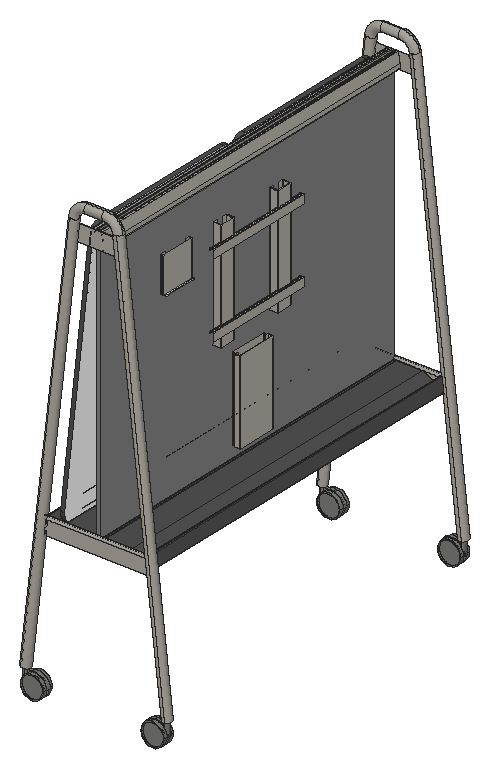
Revit family "Work_Tools_&_Leg_Screens-Teknion-CQCTB_Routes_Tech_Board-R2021", category Furniture, Revit 2021
Family settings
  OmniClass Number = 23.40.20.00
  OmniClass Title = General Furniture and Specialties
  Work Plane-Based = No
  Always vertical = Yes
  Cut with Voids When Loaded = No
  Shared = Yes
  Room Calculation Point = No
Parameters (values of type "Two Whiteboard Add Ons, 77" h x 64" w")
  Warranty = "http://www.teknion.com/ca/papers/legal-canada"
  Unit Weight URL = "http://www.teknion.com/ca/tools/assets#&asset=bee6a381-b954-425e-8283-5a2de3a804f2,f828d448-4b62-4231-9e5f-9a8991c0ed77"
  URL = "www.teknion.com"
  To render please download texture images found here [instance] = "https://assets.teknion.com/web/5e81352c1dfdb467/revit-material-swatches/"
  Tackboard Fabric [instance] = Fabric-Teknion-LP18-Intone-Lute
  Sustainability Data = "https://www.teknion.com/ca/tools/assets#&topic=216f99a5-57a0-44fc-b10a-9dee9b29ae4c&asset=444deb64-fe58-4b68-981e-f75e97781df7,b4ff2d81-9f2e-437d-9659-7cffb09c31cf"
  Series = "Routes"  # constant formula
  Right Whiteboard Add On Board = yes
  Right Tackboard Add On Board = no
  Product Page URL = "https://www.teknion.com/ca/products/all-products"
  Product Line = "Routes"  # constant formula
  Product Documentation Link = "https://assets.teknion.com/m/72af4764f50e983c/original/Routes-Reference-Guide.pdf"
  Part Number = "CQCTB"  # constant formula
  Model = "CQCTBW7764S"
  Manufacturer Phone = "416-661-3370"  # constant formula
  Manufacturer Fax = "416.661.4586"  # constant formula
  Manufacturer Contact Information = "http://www.teknion.com/ca/contactus"
  Manufacturer Address = "1150 Flint Road, Toronto, ON. M3J 2J5. Canada"  # constant formula
  Manufacturer = "Teknion"  # constant formula
  Left Whiteboard Add On = yes
  Left Tackboard Add On = no
  How To Use Teknion Materials User Guide [instance] = "https://assets.teknion.com/m/205dd0a49fa58060/original/How-to-add-a-Material-Library-and-Texture-Images-to-your-Revit-project.pdf"
  Frame Finish [instance] = Paint-Teknion-85-Y-Foundation-Clay
  For Additional Finishes please visit [instance] = "https://assets.teknion.com/m/44a8009b046e5d47/original/Teknion_Materials_Library.zip"
  Fixed Board Finish [instance] = Laminate - Teknion - 2S - Greystone
  Description = "Routes Tech Board, Two Whiteboard Add Ons, 77\" Height, 64\" Width, Vesa Screen Mount up to 65\""
  Default Elevation = 0.000"
  Assembly Code = "E2020200"
  2D Add On Board = yes
Reference planes (in)
  plane 1 "Center Front/Back": y = -0.92931
  plane 2: z = 0
  plane 3 "Center Left/Right": x = -0.32293
  plane 4 "Left": x = -12.98106
  plane 5 "Right": x = 12.3352
  plane 6 "Back": y = 31.28349
  plane 7 "Front": y = -33.14211
  plane 8 "Top": z = 77.87003
Forms (in)
  Sweep 1, solid, material "Paint-Teknion-85-Y-Foundation-Clay" <- "Frame Finish"
    path in 3D
      loop
        line (-12.24051, -31.50211, 4.29149) -> (-4.05096, -31.50211, 75.18009)
    profile origin (-8.14574, -31.50211, 39.73579) x (0.315475, 0.948234, -0.036446) y (-0.941969, 0.317573, 0.108823)
      loop
        circle (-0.72648, -0.21556) r 0.75
  Sweep 2, solid, material "Paint-Teknion-85-Y-Foundation-Clay" <- "Frame Finish"
    path origin (0, -0.92931, 0) x (1, 0, 0) y (0, 0, 1)
      loop
        arc (-4.04356, 75.12756) -> (-3.30313, 76.52782) -> (-1.82152, 77.08798) r 2.2395
        line (-1.82152, 77.08798) -> (1.17567, 77.08798)
        arc (1.17567, 77.08798) -> (2.65728, 76.52782) -> (3.39771, 75.12756) r 2.2395
    profile origin (-0.32293, -0.92931, 77.08798) x (0, 0, 1) y (0, -1, 0)
      loop
        circle (0.03405, 31.31253) r 0.75
  Sweep 3, solid, material "Paint-Teknion-85-Y-Foundation-Clay" <- "Frame Finish"
    path in 3D
      loop
        line (11.59466, -31.50211, 4.29149) -> (3.40511, -31.50211, 75.18009)
    profile origin (7.49988, -31.50211, 39.73579) x (0.315475, -0.948234, 0.036446) y (0.941969, 0.317573, 0.108823)
      loop
        circle (0.72648, -0.21556) r 0.75
  Sweep 4, solid, material "Paint-Teknion-85-Y-Foundation-Clay" <- "Frame Finish"
    path origin (-0.32293, 0, 0) x (0, 1, 0) y (0, 0, 1)
      loop
        line (-32.32681, 73.15031) -> (-32.25211, 73.15031)
    profile origin (-0.32293, -32.28946, 73.15031) x (0, 0, 1) y (1, 0, 0)
      loop
        line (1.21983, -3.06138) -> (1.21983, 3.06362) -> (-1.53017, 3.38132) -> (-1.53017, -3.37907) -> (1.21983, -3.06138)
  Sweep 5, solid, material "Paint - Teknion - Mica - Anthracite"
    path origin (-5.7779, -20.86634, 0.81648) x (0, 1, 0) y (-1, 0, 0)
      loop
        line (-11.06077, 4.73731) -> (-10.49577, 4.73731)
    profile origin (-10.51521, -31.64461, 0.81648) x (-1, 0, 0) y (0, 0, 1)
      loop
        circle (0.00391, 1.14732) r 1.96188
  Sweep 6, solid, material "Paint - Teknion - Mica - Anthracite"
    path origin (-5.79896, -22.08134, 1.64815) x (0, 1, 0) y (-1, 0, 0)
      loop
        line (-10.45577, 4.34909) -> (-9.88577, 4.34909)
    profile origin (-10.14805, -32.25211, 1.64815) x (-1, 0, 0) y (0, 0, 1)
      loop
        arc (-1.59082, 0.31879) -> (0.37106, 2.28067) -> (2.33294, 0.31879) r 1.96188
        line (2.33294, 0.31879) -> (2.45938, 0.31879)
        arc (2.45938, 0.31879) -> (2.28891, 1.14404) -> (1.80541, 1.83421) r 2.08282
        line (1.80541, 1.83421) -> (1.80541, 2.34334) -> (0.86576, 2.34334)
        arc (0.86576, 2.34334) -> (-0.9117, 1.9554) -> (-1.70625, 0.31879) r 2.08282
        line (-1.70625, 0.31879) -> (-1.59082, 0.31879)
  Sweep 7, solid, material "Paint - Teknion - Mica - Anthracite"
    path origin (-6.54021, -21.74421, 1.47507) x (-1, 0, 0) y (0, 0, 1)
      loop
        line (5.66303, 2.79995) -> (5.66303, 0.47833)
    profile origin (-12.20324, -21.74421, 3.11421) x (0, 1, 0) y (-1, 0, 0)
      loop
        circle (-10.50525, 0.00179) r 0.40398
  Sweep 8, solid, material "Paint - Teknion - Mica - Anthracite"
    path origin (-15.26033, -43.63787, 0.81648) x (0, -1, 0) y (1, 0, 0)
      loop
        line (-11.06077, 4.73731) -> (-10.49577, 4.73731)
    profile origin (-10.52302, -32.85961, 0.81648) x (1, 0, 0) y (0, 0, 1)
      loop
        circle (0.00391, 1.14732) r 1.96188
  Sweep 9, void
    path origin (-15.28785, -44.02787, 0.8191) x (0, -1, 0) y (1, 0, 0)
      loop
        line (-11.06077, 4.79585) -> (-10.88577, 4.79585)
    profile origin (-10.492, -33.05461, 0.8191) x (1, 0, 0) y (0, 0, 1)
      loop
        circle (-0.03901, 1.14732) r 1.85693
  Sweep 10, void
    path origin (-15.28785, -20.47634, 0.8191) x (0, 1, 0) y (-1, 0, 0)
      loop
        line (-11.06077, -4.79585) -> (-10.88577, -4.79585)
    profile origin (-10.492, -31.44961, 0.8191) x (-1, 0, 0) y (0, 0, 1)
      loop
        circle (0.03901, 1.14732) r 1.85693
  Sweep 11, solid, material "Paint - Teknion - Mica - Anthracite"
    path origin (5.13205, -20.86634, 0.81648) x (0, 1, 0) y (-1, 0, 0)
      loop
        line (-11.06077, -4.73731) -> (-10.49577, -4.73731)
    profile origin (9.86936, -31.64461, 0.81648) x (-1, 0, 0) y (0, 0, 1)
      loop
        circle (-0.00391, 1.14732) r 1.96188
  Sweep 12, solid, material "Paint - Teknion - Mica - Anthracite"
    path origin (5.89436, -21.74421, 1.47507) x (1, 0, 0) y (0, 0, -1)
      loop
        line (5.66303, -2.79995) -> (5.66303, -0.47833)
    profile origin (11.55738, -21.74421, 3.11421) x (0, 1, 0) y (-1, 0, 0)
      loop
        circle (-10.50525, -0.00179) r 0.40398
  Sweep 13, solid, material "Paint - Teknion - Mica - Anthracite"
    path origin (14.61448, -43.63787, 0.81648) x (0, -1, 0) y (1, 0, 0)
      loop
        line (-11.06077, -4.73731) -> (-10.49577, -4.73731)
    profile origin (9.87717, -32.85961, 0.81648) x (1, 0, 0) y (0, 0, 1)
      loop
        circle (-0.00391, 1.14732) r 1.96188
  Sweep 14, void
    path origin (14.64199, -44.02787, 0.8191) x (0, -1, 0) y (1, 0, 0)
      loop
        line (-11.06077, -4.79585) -> (-10.88577, -4.79585)
    profile origin (9.84614, -33.05461, 0.8191) x (1, 0, 0) y (0, 0, 1)
      loop
        circle (0.03901, 1.14732) r 1.85693
  Sweep 15, void
    path origin (14.64199, -20.47634, 0.8191) x (0, 1, 0) y (-1, 0, 0)
      loop
        line (-11.06077, 4.79585) -> (-10.88577, 4.79585)
    profile origin (9.84614, -31.44961, 0.8191) x (-1, 0, 0) y (0, 0, 1)
      loop
        circle (-0.03901, 1.14732) r 1.85693
  Sweep 16, solid, material "Paint-Teknion-85-Y-Foundation-Clay" <- "Frame Finish"
    path in 3D
      loop
        line (-12.24051, 31.14349, 4.29149) -> (-4.05096, 31.14349, 75.18009)
    profile origin (-8.14574, 31.14349, 39.73579) x (0.315475, 0.948234, -0.036446) y (-0.941969, 0.317573, 0.108823)
      loop
        circle (-0.72648, -0.21556) r 0.75
  Sweep 17, solid, material "Paint-Teknion-85-Y-Foundation-Clay" <- "Frame Finish"
    path origin (0, 61.71629, 0) x (1, 0, 0) y (0, 0, 1)
      loop
        arc (-4.04356, 75.12756) -> (-3.30313, 76.52782) -> (-1.82152, 77.08798) r 2.2395
        line (-1.82152, 77.08798) -> (1.17567, 77.08798)
        arc (1.17567, 77.08798) -> (2.65728, 76.52782) -> (3.39771, 75.12756) r 2.2395
    profile origin (-0.32293, 61.71629, 77.08798) x (0, 0, 1) y (0, -1, 0)
      loop
        circle (0.03405, 31.31253) r 0.75
  Sweep 18, solid, material "Paint-Teknion-85-Y-Foundation-Clay" <- "Frame Finish"
    path in 3D
      loop
        line (11.59466, 31.14349, 4.29149) -> (3.40511, 31.14349, 75.18009)
    profile origin (7.49988, 31.14349, 39.73579) x (0.315475, -0.948234, 0.036446) y (0.941969, 0.317573, 0.108823)
      loop
        circle (0.72648, -0.21556) r 0.75
  Sweep 19, solid, material "Paint-Teknion-85-Y-Foundation-Clay" <- "Frame Finish"
    path origin (-0.32293, 62.6456, 0) x (0, 1, 0) y (0, 0, 1)
      loop
        line (-32.32681, 73.15031) -> (-32.25211, 73.15031)
    profile origin (-0.32293, 30.35614, 73.15031) x (0, 0, 1) y (1, 0, 0)
      loop
        line (1.21983, -3.06138) -> (1.21983, 3.06362) -> (-1.53017, 3.38132) -> (-1.53017, -3.37907) -> (1.21983, -3.06138)
  Sweep 20, solid, material "Paint - Teknion - Mica - Anthracite"
    path origin (5.1531, -22.08134, 1.64815) x (0, 1, 0) y (-1, 0, 0)
      loop
        line (-10.45577, -4.34909) -> (-9.88577, -4.34909)
    profile origin (9.50219, -32.25211, 1.64815) x (-1, 0, 0) y (0, 0, 1)
      loop
        line (1.59082, 0.31879) -> (1.70625, 0.31879)
        arc (1.70625, 0.31879) -> (0.9117, 1.9554) -> (-0.86576, 2.34334) r 2.08282
        line (-0.86576, 2.34334) -> (-1.80541, 2.34334) -> (-1.80541, 1.83421)
        arc (-1.80541, 1.83421) -> (-2.28891, 1.14404) -> (-2.45938, 0.31879) r 2.08282
        line (-2.45938, 0.31879) -> (-2.33294, 0.31879)
        arc (-2.33294, 0.31879) -> (-0.37106, 2.28067) -> (1.59082, 0.31879) r 1.96188
  Sweep 21, solid, material "Paint - Teknion - Mica - Anthracite"
    path origin (-5.7779, 41.77926, 0.81648) x (0, 1, 0) y (-1, 0, 0)
      loop
        line (-11.06077, 4.73731) -> (-10.49577, 4.73731)
    profile origin (-10.51521, 31.00099, 0.81648) x (-1, 0, 0) y (0, 0, 1)
      loop
        circle (0.00391, 1.14732) r 1.96188
  Sweep 22, solid, material "Paint - Teknion - Mica - Anthracite"
    path origin (-5.79896, 40.56426, 1.64815) x (0, 1, 0) y (-1, 0, 0)
      loop
        line (-10.45577, 4.34909) -> (-9.88577, 4.34909)
    profile origin (-10.14805, 30.39349, 1.64815) x (-1, 0, 0) y (0, 0, 1)
      loop
        arc (-1.59082, 0.31879) -> (0.37106, 2.28067) -> (2.33294, 0.31879) r 1.96188
        line (2.33294, 0.31879) -> (2.45938, 0.31879)
        arc (2.45938, 0.31879) -> (2.28891, 1.14404) -> (1.80541, 1.83421) r 2.08282
        line (1.80541, 1.83421) -> (1.80541, 2.34334) -> (0.86576, 2.34334)
        arc (0.86576, 2.34334) -> (-0.9117, 1.9554) -> (-1.70625, 0.31879) r 2.08282
        line (-1.70625, 0.31879) -> (-1.59082, 0.31879)
  Sweep 23, solid, material "Paint - Teknion - Mica - Anthracite"
    path origin (-6.54021, 40.90139, 1.47507) x (-1, 0, 0) y (0, 0, 1)
      loop
        line (5.66303, 2.79995) -> (5.66303, 0.47833)
    profile origin (-12.20324, 40.90139, 3.11421) x (0, 1, 0) y (-1, 0, 0)
      loop
        circle (-10.50525, 0.00179) r 0.40398
  Sweep 24, solid, material "Paint - Teknion - Mica - Anthracite"
    path origin (-15.26033, 19.00773, 0.81648) x (0, -1, 0) y (1, 0, 0)
      loop
        line (-11.06077, 4.73731) -> (-10.49577, 4.73731)
    profile origin (-10.52302, 29.78599, 0.81648) x (1, 0, 0) y (0, 0, 1)
      loop
        circle (0.00391, 1.14732) r 1.96188
  Sweep 25, void
    path origin (-15.28785, 18.61773, 0.8191) x (0, -1, 0) y (1, 0, 0)
      loop
        line (-11.06077, 4.79585) -> (-10.88577, 4.79585)
    profile origin (-10.492, 29.59099, 0.8191) x (1, 0, 0) y (0, 0, 1)
      loop
        circle (-0.03901, 1.14732) r 1.85693
  Sweep 26, void
    path origin (-15.28785, 42.16926, 0.8191) x (0, 1, 0) y (-1, 0, 0)
      loop
        line (-11.06077, -4.79585) -> (-10.88577, -4.79585)
    profile origin (-10.492, 31.19599, 0.8191) x (-1, 0, 0) y (0, 0, 1)
      loop
        circle (0.03901, 1.14732) r 1.85693
  Sweep 27, solid, material "Paint - Teknion - Mica - Anthracite"
    path origin (5.13205, 41.77926, 0.81648) x (0, 1, 0) y (-1, 0, 0)
      loop
        line (-11.06077, -4.73731) -> (-10.49577, -4.73731)
    profile origin (9.86936, 31.00099, 0.81648) x (-1, 0, 0) y (0, 0, 1)
      loop
        circle (-0.00391, 1.14732) r 1.96188
  Sweep 28, solid, material "Paint - Teknion - Mica - Anthracite"
    path origin (5.89436, 40.90139, 1.47507) x (1, 0, 0) y (0, 0, -1)
      loop
        line (5.66303, -2.79995) -> (5.66303, -0.47833)
    profile origin (11.55738, 40.90139, 3.11421) x (0, 1, 0) y (-1, 0, 0)
      loop
        circle (-10.50525, -0.00179) r 0.40398
  Sweep 29, solid, material "Paint - Teknion - Mica - Anthracite"
    path origin (14.61448, 19.00773, 0.81648) x (0, -1, 0) y (1, 0, 0)
      loop
        line (-11.06077, -4.73731) -> (-10.49577, -4.73731)
    profile origin (9.87717, 29.78599, 0.81648) x (1, 0, 0) y (0, 0, 1)
      loop
        circle (-0.00391, 1.14732) r 1.96188
  Sweep 30, void
    path origin (14.64199, 18.61773, 0.8191) x (0, -1, 0) y (1, 0, 0)
      loop
        line (-11.06077, -4.79585) -> (-10.88577, -4.79585)
    profile origin (9.84614, 29.59099, 0.8191) x (1, 0, 0) y (0, 0, 1)
      loop
        circle (0.03901, 1.14732) r 1.85693
  Sweep 31, void
    path origin (14.64199, 42.16926, 0.8191) x (0, 1, 0) y (-1, 0, 0)
      loop
        line (-11.06077, 4.79585) -> (-10.88577, 4.79585)
    profile origin (9.84614, 31.19599, 0.8191) x (-1, 0, 0) y (0, 0, 1)
      loop
        circle (-0.03901, 1.14732) r 1.85693
  Sweep 32, solid, material "Paint - Teknion - Mica - Anthracite"
    path origin (5.1531, 40.56426, 1.64815) x (0, 1, 0) y (-1, 0, 0)
      loop
        line (-10.45577, -4.34909) -> (-9.88577, -4.34909)
    profile origin (9.50219, 30.39349, 1.64815) x (-1, 0, 0) y (0, 0, 1)
      loop
        line (1.59082, 0.31879) -> (1.70625, 0.31879)
        arc (1.70625, 0.31879) -> (0.9117, 1.9554) -> (-0.86576, 2.34334) r 2.08282
        line (-0.86576, 2.34334) -> (-1.80541, 2.34334) -> (-1.80541, 1.83421)
        arc (-1.80541, 1.83421) -> (-2.28891, 1.14404) -> (-2.45938, 0.31879) r 2.08282
        line (-2.45938, 0.31879) -> (-2.33294, 0.31879)
        arc (-2.33294, 0.31879) -> (-0.37106, 2.28067) -> (1.59082, 0.31879) r 1.96188
  Sweep 33, solid, material "Paint - Teknion - Foundation - Ebony"
    path origin (0, 0, 0) x (1, 0, 0) y (0, 1, 0)
      loop
        line (-0.32293, 29.89349) -> (-0.32293, -31.75211)
    profile origin (-0.32293, -0.92931, 0) x (1, 0, 0) y (0, 0, 1)
      loop
        arc (8.69542, 27.95601) -> (8.56829, 28.08765) -> (8.41061, 27.99477) r 0.1478
        line (8.41061, 27.99477) -> (7.96938, 26.86014)
        arc (7.96938, 26.86014) -> (7.73111, 26.62732) -> (7.399, 26.65339) r 0.403
        line (7.399, 26.65339) -> (5.45612, 27.72604) -> (0.42612, 27.72604) -> (0.42612, 26.75604)
        arc (0.42612, 26.75604) -> (0.41734, 26.73482) -> (0.39612, 26.72604) r 0.03
        line (0.39612, 26.72604) -> (-0.39388, 26.72604)
        arc (-0.39388, 26.72604) -> (-0.41509, 26.73482) -> (-0.42388, 26.75604) r 0.03
        line (-0.42388, 26.75604) -> (-0.42388, 27.72604) -> (-5.45388, 27.72604) -> (-7.39675, 26.65339)
        arc (-7.39675, 26.65339) -> (-7.72886, 26.62732) -> (-7.96713, 26.86014) r 0.403
        line (-7.96713, 26.86014) -> (-8.40836, 27.99477)
        arc (-8.40836, 27.99477) -> (-8.56604, 28.08765) -> (-8.69317, 27.95601) r 0.1478
        line (-8.69317, 27.95601) -> (-8.92367, 25.66689)
        arc (-8.92367, 25.66689) -> (-8.87914, 25.61238) -> (-8.82464, 25.65691) r 0.04977
        line (-8.82464, 25.65691) -> (-8.77953, 26.10488) -> (-8.831, 26.11006) -> (-8.64561, 27.95122)
        arc (-8.64561, 27.95122) -> (-8.5596, 28.04029) -> (-8.45291, 27.97745) r 0.1
        line (-8.45291, 27.97745) -> (-8.01168, 26.84281)
        arc (-8.01168, 26.84281) -> (-7.74515, 26.58238) -> (-7.37364, 26.61155) r 0.4508
        line (-7.37364, 26.61155) -> (-5.44156, 27.67824) -> (-0.92388, 27.67824) -> (-0.92388, 27.60354) -> (-0.52858, 27.60354)
        arc (-0.52858, 27.60354) -> (-0.50736, 27.59475) -> (-0.49858, 27.57354) r 0.03
        line (-0.49858, 27.57354) -> (-0.49858, 26.75604)
        arc (-0.49858, 26.75604) -> (-0.46791, 26.682) -> (-0.39388, 26.65134) r 0.1047
        line (-0.39388, 26.65134) -> (0.39612, 26.65134)
        arc (0.39612, 26.65134) -> (0.47016, 26.682) -> (0.50082, 26.75604) r 0.1047
        line (0.50082, 26.75604) -> (0.50082, 27.57354)
        arc (0.50082, 27.57354) -> (0.50961, 27.59475) -> (0.53082, 27.60354) r 0.03
        line (0.53082, 27.60354) -> (0.92612, 27.60354) -> (0.92612, 27.67824) -> (5.44381, 27.67824) -> (7.37589, 26.61155)
        arc (7.37589, 26.61155) -> (7.74739, 26.58238) -> (8.01393, 26.84281) r 0.4508
        line (8.01393, 26.84281) -> (8.45516, 27.97745)
        arc (8.45516, 27.97745) -> (8.56185, 28.04029) -> (8.64786, 27.95122) r 0.1
        line (8.64786, 27.95122) -> (8.83325, 26.11006) -> (8.78178, 26.10488) -> (8.82689, 25.65691)
        arc (8.82689, 25.65691) -> (8.88139, 25.61238) -> (8.92592, 25.66689) r 0.04977
        line (8.92592, 25.66689) -> (8.69542, 27.95601)
  Sweep 34, solid, material "Paint-Teknion-85-Y-Foundation-Clay" <- "Frame Finish"
    path origin (0, 0, 0) x (1, 0, 0) y (0, 1, 0)
      loop
        line (-9.31799, 30.56879) -> (8.68201, 30.56879)
    profile origin (-0.31799, 30.56879, 0) x (0, 1, 0) y (0, 0, 1)
      loop
        arc (0.0747, 27.73009) -> (-0.3003, 28.10509) -> (-0.6753, 27.73009) r 0.375
        line (-0.6753, 27.73009) -> (-0.6753, 25.35509) -> (-0.6006, 25.35509) -> (-0.6006, 27.73009)
        arc (-0.6006, 27.73009) -> (-0.3003, 28.03039) -> (0, 27.73009) r 0.3003
        line (0, 27.73009) -> (0, 25.35509) -> (0.0747, 25.35509) -> (0.0747, 27.73009)
  Sweep 35, solid, material "Paint-Teknion-85-Y-Foundation-Clay" <- "Frame Finish"
    path origin (0, -62.3956, 0) x (1, 0, 0) y (0, 1, 0)
      loop
        line (-9.32562, 30.56879) -> (8.67438, 30.56879)
    profile origin (-0.32562, -31.82681, 0) x (0, 1, 0) y (0, 0, 1)
      loop
        arc (0.0747, 27.73009) -> (-0.3003, 28.10509) -> (-0.6753, 27.73009) r 0.375
        line (-0.6753, 27.73009) -> (-0.6753, 25.35509) -> (-0.6006, 25.35509) -> (-0.6006, 27.73009)
        arc (-0.6006, 27.73009) -> (-0.3003, 28.03039) -> (0, 27.73009) r 0.3003
        line (0, 27.73009) -> (0, 25.35509) -> (0.0747, 25.35509) -> (0.0747, 27.73009)
  Sweep 36, solid, material "Laminate - Teknion - 2S - Greystone" <- "Fixed Board Finish"
    path origin (-0.64585, 0, 0) x (-1, 0, 0) y (0, 1, 0)
      loop
        line (-0.68055, -0.92931) -> (0.0347, -0.92931)
    profile origin (-0.32293, -0.92931, 0) x (0, -1, 0) y (0, 0, 1)
      loop
        line (30.77747, 74.23244) -> (-30.94227, 74.23244) -> (-30.94227, 26.76541) -> (30.77747, 26.76541) -> (30.77747, 74.23244)
  Sweep 37, solid, material "Paint-Teknion-85-Y-Foundation-Clay" <- "Frame Finish"
    path origin (0, 0, 0) x (1, 0, 0) y (0, 1, 0)
      loop
        line (-0.32293, 30.31879) -> (-0.32293, -32.25211)
    profile origin (-0.32293, -0.96666, 0) x (1, 0, 0) y (0, 0, 1)
      loop
        line (-0.92919, 74.24209) -> (-1.14568, 72.51024) -> (-1.14568, 71.76304)
        arc (-1.14568, 71.76304) -> (-1.12289, 71.70803) -> (-1.06788, 71.68524) r 0.0778
        line (-1.06788, 71.68524) -> (-0.35788, 71.68524) -> (-0.35788, 71.73304) -> (-1.06788, 71.73304)
        arc (-1.06788, 71.73304) -> (-1.08909, 71.74183) -> (-1.09788, 71.76304) r 0.03
        line (-1.09788, 71.76304) -> (-1.09788, 72.50727) -> (-0.88176, 74.23616)
        arc (-0.88176, 74.23616) -> (-0.87185, 74.25493) -> (-0.852, 74.26244) r 0.03
        line (-0.852, 74.26244) -> (-0.37348, 74.26244)
        arc (-0.37348, 74.26244) -> (-0.35226, 74.25366) -> (-0.34348, 74.23244) r 0.03
        line (-0.34348, 74.23244) -> (-0.34348, 74.02774)
        arc (-0.34348, 74.02774) -> (-0.32069, 73.97273) -> (-0.26568, 73.94994) r 0.0778
        line (-0.26568, 73.94994) -> (0.26792, 73.94994)
        arc (0.26792, 73.94994) -> (0.32294, 73.97273) -> (0.34572, 74.02774) r 0.0778
        line (0.34572, 74.02774) -> (0.34572, 74.23244)
        arc (0.34572, 74.23244) -> (0.35451, 74.25366) -> (0.37572, 74.26244) r 0.03
        line (0.37572, 74.26244) -> (0.85424, 74.26244)
        arc (0.85424, 74.26244) -> (0.87565, 74.25358) -> (0.88451, 74.23218) r 0.03027
        line (0.88451, 74.23218) -> (1.10012, 72.50727) -> (1.10012, 71.76304)
        arc (1.10012, 71.76304) -> (1.09134, 71.74183) -> (1.07012, 71.73304) r 0.03
        line (1.07012, 71.73304) -> (0.36012, 71.73304) -> (0.36012, 71.68524) -> (1.07012, 71.68524)
        arc (1.07012, 71.68524) -> (1.12514, 71.70803) -> (1.14792, 71.76304) r 0.0778
        line (1.14792, 71.76304) -> (1.14792, 72.51024) -> (0.93144, 74.24209)
        arc (0.93144, 74.24209) -> (0.90573, 74.29077) -> (0.85424, 74.31024) r 0.0778
        line (0.85424, 74.31024) -> (0.37572, 74.31024)
        arc (0.37572, 74.31024) -> (0.32071, 74.28746) -> (0.29792, 74.23244) r 0.0778
        line (0.29792, 74.23244) -> (0.29792, 74.02774)
        arc (0.29792, 74.02774) -> (0.28914, 74.00653) -> (0.26792, 73.99774) r 0.03
        line (0.26792, 73.99774) -> (-0.26568, 73.99774)
        arc (-0.26568, 73.99774) -> (-0.28689, 74.00653) -> (-0.29568, 74.02774) r 0.03
        line (-0.29568, 74.02774) -> (-0.29568, 74.23244)
        arc (-0.29568, 74.23244) -> (-0.31846, 74.28746) -> (-0.37348, 74.31024) r 0.0778
        line (-0.37348, 74.31024) -> (-0.852, 74.31024)
        arc (-0.852, 74.31024) -> (-0.90348, 74.29077) -> (-0.92919, 74.24209) r 0.0778
  Sweep 38, solid, material "Fabric-Teknion-LP18-Intone-Lute" <- "Tackboard Fabric", visible <- "Left Tackboard Add On"
    path origin (-0.33229, -0.92931, -0.14177) x (-1, 0, 0) y (0, 0, 1)
      loop
        line (6.35613, 27.01658) -> (7.06504, 27.09286)
    profile origin (-7.04288, -0.92931, 26.91295) x (-0.106981, 0, -0.994261) y (0, -1, 0)
      loop
        line (-45.5, -29.27795) -> (-2, -29.27795)
        arc (-2, -29.27795) -> (-0.58579, -28.69216) -> (0, -27.27795) r 2
        line (0, -27.27795) -> (0, -1.77795)
        arc (0, -1.77795) -> (-0.58579, -0.36373) -> (-2, 0.22205) r 2
        line (-2, 0.22205) -> (-45.5, 0.22205)
        arc (-45.5, 0.22205) -> (-46.91421, -0.36373) -> (-47.5, -1.77795) r 2
        line (-47.5, -1.77795) -> (-47.5, -27.27795)
        arc (-47.5, -27.27795) -> (-46.91421, -28.69216) -> (-45.5, -29.27795) r 2
  Sweep 39, solid, material "Paint-Teknion-85-Y-Foundation-Clay" <- "Frame Finish"
    path origin (-0.32293, 0, 0) x (0, 1, 0) y (0, 0, 1)
      loop
        line (-0.92931, 43.68641) -> (-0.92931, 29.68641)
    profile origin (-0.32293, -0.92931, 36.68641) x (1, 0, 0) y (0, 1, 0)
      loop
        line (1.85838, 3.5824) -> (1.11448, 3.5824)
        arc (1.11448, 3.5824) -> (1.06711, 3.56278) -> (1.04748, 3.5154) r 0.067
        line (1.04748, 3.5154) -> (1.04748, 3.3949) -> (0.48938, 3.3949)
        arc (0.48938, 3.3949) -> (0.44208, 3.37531) -> (0.42248, 3.328) r 0.0669
        line (0.42248, 3.328) -> (0.42248, -3.1632)
        arc (0.42248, -3.1632) -> (0.44208, -3.21051) -> (0.48938, -3.2301) r 0.0669
        line (0.48938, -3.2301) -> (1.04748, -3.2301) -> (1.04748, -3.3506)
        arc (1.04748, -3.3506) -> (1.06711, -3.39798) -> (1.11448, -3.4176) r 0.067
        line (1.11448, -3.4176) -> (1.85548, -3.4176)
        arc (1.85548, -3.4176) -> (1.90286, -3.39798) -> (1.92248, -3.3506) r 0.067
        line (1.92248, -3.3506) -> (1.92248, 3.5183)
        arc (1.92248, 3.5183) -> (1.90371, 3.56363) -> (1.85838, 3.5824) r 0.0641
      loop
        line (1.88648, -3.3506) -> (1.88648, 3.5183)
        arc (1.88648, 3.5183) -> (1.87825, 3.53817) -> (1.85838, 3.5464) r 0.0281
        line (1.85838, 3.5464) -> (1.11448, 3.5464)
        arc (1.11448, 3.5464) -> (1.09256, 3.53732) -> (1.08348, 3.5154) r 0.031
        line (1.08348, 3.5154) -> (1.08348, 3.0824) -> (1.04748, 3.0824) -> (1.04748, 3.359) -> (0.48938, 3.359)
        arc (0.48938, 3.359) -> (0.46746, 3.34992) -> (0.45838, 3.328) r 0.031
        line (0.45838, 3.328) -> (0.45838, -3.1632)
        arc (0.45838, -3.1632) -> (0.46746, -3.18512) -> (0.48938, -3.1942) r 0.031
        line (0.48938, -3.1942) -> (1.04748, -3.1942) -> (1.04748, -2.9176) -> (1.08348, -2.9176) -> (1.08348, -3.3506)
        arc (1.08348, -3.3506) -> (1.09256, -3.37252) -> (1.11448, -3.3816) r 0.031
        line (1.11448, -3.3816) -> (1.85548, -3.3816)
        arc (1.85548, -3.3816) -> (1.8774, -3.37252) -> (1.88648, -3.3506) r 0.031
  Sweep 40, solid, material "Paint-Teknion-85-Y-Foundation-Clay" <- "Frame Finish"
    path origin (-0.32293, 0, 0) x (0, 1, 0) y (0, 0, 1)
      loop
        line (-0.92931, 46.68641) -> (-0.92931, 65.18641)
    profile origin (-0.32293, -0.92931, 55.93641) x (0, -1, 0) y (1, 0, 0)
      loop
        line (-7.3524, 1.78338) -> (-4.8124, 1.78338)
        arc (-4.8124, 1.78338) -> (-4.79119, 1.77459) -> (-4.7824, 1.75338) r 0.03
        line (-4.7824, 1.75338) -> (-4.7824, 0.46338)
        arc (-4.7824, 0.46338) -> (-4.79119, 0.44217) -> (-4.8124, 0.43338) r 0.03
        line (-4.8124, 0.43338) -> (-5.3074, 0.43338) -> (-5.3074, 0.35838) -> (-4.8124, 0.35838)
        arc (-4.8124, 0.35838) -> (-4.73815, 0.38914) -> (-4.7074, 0.46338) r 0.105
        line (-4.7074, 0.46338) -> (-4.7074, 1.75338)
        arc (-4.7074, 1.75338) -> (-4.73815, 1.82763) -> (-4.8124, 1.85838) r 0.105
        line (-4.8124, 1.85838) -> (-7.3524, 1.85838)
        arc (-7.3524, 1.85838) -> (-7.42665, 1.82763) -> (-7.4574, 1.75338) r 0.105
        line (-7.4574, 1.75338) -> (-7.4574, 0.46338)
        arc (-7.4574, 0.46338) -> (-7.42665, 0.38914) -> (-7.3524, 0.35838) r 0.105
        line (-7.3524, 0.35838) -> (-6.7074, 0.35838) -> (-6.7074, 0.43338) -> (-7.3524, 0.43338)
        arc (-7.3524, 0.43338) -> (-7.37361, 0.44217) -> (-7.3824, 0.46338) r 0.03
        line (-7.3824, 0.46338) -> (-7.3824, 1.75338)
        arc (-7.3824, 1.75338) -> (-7.37361, 1.77459) -> (-7.3524, 1.78338) r 0.03
      loop
        arc (7.1876, 1.78338) -> (7.20881, 1.77459) -> (7.2176, 1.75338) r 0.03
        line (7.2176, 1.75338) -> (7.2176, 0.46338)
        arc (7.2176, 0.46338) -> (7.20881, 0.44217) -> (7.1876, 0.43338) r 0.03
        line (7.1876, 0.43338) -> (6.5426, 0.43338) -> (6.5426, 0.35838) -> (7.1876, 0.35838)
        arc (7.1876, 0.35838) -> (7.26185, 0.38914) -> (7.2926, 0.46338) r 0.105
        line (7.2926, 0.46338) -> (7.2926, 1.75338)
        arc (7.2926, 1.75338) -> (7.26185, 1.82763) -> (7.1876, 1.85838) r 0.105
        line (7.1876, 1.85838) -> (4.6476, 1.85838)
        arc (4.6476, 1.85838) -> (4.57335, 1.82763) -> (4.5426, 1.75338) r 0.105
        line (4.5426, 1.75338) -> (4.5426, 0.46338)
        arc (4.5426, 0.46338) -> (4.57335, 0.38914) -> (4.6476, 0.35838) r 0.105
        line (4.6476, 0.35838) -> (5.1426, 0.35838) -> (5.1426, 0.43338) -> (4.6476, 0.43338)
        arc (4.6476, 0.43338) -> (4.62639, 0.44217) -> (4.6176, 0.46338) r 0.03
        line (4.6176, 0.46338) -> (4.6176, 1.75338)
        arc (4.6176, 1.75338) -> (4.62639, 1.77459) -> (4.6476, 1.78338) r 0.03
        line (4.6476, 1.78338) -> (7.1876, 1.78338)
  Sweep 41, solid, material "Paint-Teknion-85-Y-Foundation-Clay" <- "Frame Finish"
    path origin (-0.32293, 0, 0) x (0, 1, 0) y (0, 0, 1)
      loop
        line (-10.34691, 62.0336) -> (8.65309, 62.0336)
    profile origin (-0.32293, -0.84691, 62.0336) x (0, 0, 1) y (1, 0, 0)
      loop
        arc (0.653, 2.25238) -> (0.62195, 2.32733) -> (0.547, 2.35838) r 0.106
        line (0.547, 2.35838) -> (-0.747, 2.35838) -> (-0.747, 2.28338) -> (0.547, 2.28338)
        arc (0.547, 2.28338) -> (0.56892, 2.2743) -> (0.578, 2.25238) r 0.031
        line (0.578, 2.25238) -> (0.578, 1.79838)
        arc (0.578, 1.79838) -> (0.57075, 1.77845) -> (0.55238, 1.76785) r 0.031
        line (0.55238, 1.76785) -> (0.33068, 1.72876) -> (0.3437, 1.6549) -> (0.56541, 1.69399)
        arc (0.56541, 1.69399) -> (0.6282, 1.73025) -> (0.653, 1.79838) r 0.106
        line (0.653, 1.79838) -> (0.653, 2.25238)
      loop
        arc (-11.94543, 2.25238) -> (-11.97647, 2.32733) -> (-12.05143, 2.35838) r 0.106
        line (-12.05143, 2.35838) -> (-13.34543, 2.35838) -> (-13.34543, 2.28338) -> (-12.05143, 2.28338)
        arc (-12.05143, 2.28338) -> (-12.0295, 2.2743) -> (-12.02043, 2.25238) r 0.031
        line (-12.02043, 2.25238) -> (-12.02043, 1.79838)
        arc (-12.02043, 1.79838) -> (-12.02768, 1.77845) -> (-12.04604, 1.76785) r 0.031
        line (-12.04604, 1.76785) -> (-12.26775, 1.72876) -> (-12.25473, 1.6549) -> (-12.03302, 1.69399)
        arc (-12.03302, 1.69399) -> (-11.97022, 1.73025) -> (-11.94543, 1.79838) r 0.106
        line (-11.94543, 1.79838) -> (-11.94543, 2.25238)
  Sweep 42, solid, material "Paint-Teknion-85-Y-Foundation-Clay" <- "Frame Finish"
    path origin (-0.32293, 0, 0) x (0, 1, 0) y (0, 0, 1)
      loop
        line (-16.22191, 65.18641) -> (-16.22191, 59.15041)
    profile origin (-0.32293, -16.22191, 62.16841) x (1, 0, 0) y (0, 1, 0)
      loop
        line (0.83138, 3) -> (0.46538, 3)
        arc (0.46538, 3) -> (0.41801, 2.98038) -> (0.39838, 2.933) r 0.067
        line (0.39838, 2.933) -> (0.39838, 2.25) -> (0.43438, 2.25) -> (0.43438, 2.933)
        arc (0.43438, 2.933) -> (0.44346, 2.95492) -> (0.46538, 2.964) r 0.031
        line (0.46538, 2.964) -> (0.83138, 2.964)
        arc (0.83138, 2.964) -> (0.8533, 2.95492) -> (0.86238, 2.933) r 0.031
        line (0.86238, 2.933) -> (0.86238, -2.933)
        arc (0.86238, -2.933) -> (0.8533, -2.95492) -> (0.83138, -2.964) r 0.031
        line (0.83138, -2.964) -> (0.46538, -2.964)
        arc (0.46538, -2.964) -> (0.44346, -2.95492) -> (0.43438, -2.933) r 0.031
        line (0.43438, -2.933) -> (0.43438, -2.25) -> (0.39838, -2.25) -> (0.39838, -2.933)
        arc (0.39838, -2.933) -> (0.41801, -2.98038) -> (0.46538, -3) r 0.067
        line (0.46538, -3) -> (0.83138, -3)
        arc (0.83138, -3) -> (0.87876, -2.98038) -> (0.89838, -2.933) r 0.067
        line (0.89838, -2.933) -> (0.89838, 2.933)
        arc (0.89838, 2.933) -> (0.87876, 2.98038) -> (0.83138, 3) r 0.067
  Sweep 43, solid
    path origin (-0.32293, 0, 0) x (0, 1, 0) y (0, 0, 1)
      loop
        line (-16.22191, 59.15041) -> (-16.22191, 59.21741)
    profile origin (-0.32293, -16.22191, 59.18391) x (0, -1, 0) y (1, 0, 0)
      loop
        line (-2.9, 0.86238) -> (2.9, 0.86238) -> (2.9, 1.14838)
        arc (2.9, 1.14838) -> (2.82678, 1.32516) -> (2.65, 1.39838) r 0.25
        line (2.65, 1.39838) -> (-2.65, 1.39838)
        arc (-2.65, 1.39838) -> (-2.82678, 1.32516) -> (-2.9, 1.14838) r 0.25
        line (-2.9, 1.14838) -> (-2.9, 0.86238)
  Sweep 44, solid, material "Fabric-Teknion-LP18-Intone-Lute" <- "Tackboard Fabric", visible <- "Right Tackboard Add On Board"
    path origin (-0.33229, -29.9852, -0.14177) x (-1, 0, 0) y (0, 0, 1)
      loop
        line (6.35613, 27.01658) -> (7.06504, 27.09286)
    profile origin (-7.04288, -29.9852, 26.91295) x (-0.106981, 0, -0.994261) y (0, -1, 0)
      loop
        line (-45.5, -28.27862) -> (-2, -28.27862)
        arc (-2, -28.27862) -> (-0.58579, -27.69284) -> (0, -26.27862) r 2
        line (0, -26.27862) -> (0, -0.77862)
        arc (0, -0.77862) -> (-0.58579, 0.63559) -> (-2, 1.22138) r 2
        line (-2, 1.22138) -> (-45.5, 1.22138)
        arc (-45.5, 1.22138) -> (-46.91421, 0.63559) -> (-47.5, -0.77862) r 2
        line (-47.5, -0.77862) -> (-47.5, -26.27862)
        arc (-47.5, -26.27862) -> (-46.91421, -27.69284) -> (-45.5, -28.27862) r 2
  Sweep 45, solid, material "Metal-Teknion-WZ-Whiteboard", visible <- "Right Whiteboard Add On Board"
    path origin (-0.33229, -30.98453, -0.14177) x (-1, 0, 0) y (0, 0, 1)
      loop
        line (6.35613, 27.01658) -> (7.06504, 27.09286)
    profile origin (-7.04288, -30.98453, 26.91295) x (-0.106981, 0, -0.994261) y (0, -1, 0)
      loop
        line (-45.5, -29.27795) -> (-2, -29.27795)
        arc (-2, -29.27795) -> (-0.58579, -28.69216) -> (0, -27.27795) r 2
        line (0, -27.27795) -> (0, -1.77795)
        arc (0, -1.77795) -> (-0.58579, -0.36373) -> (-2, 0.22205) r 2
        line (-2, 0.22205) -> (-45.5, 0.22205)
        arc (-45.5, 0.22205) -> (-46.91421, -0.36373) -> (-47.5, -1.77795) r 2
        line (-47.5, -1.77795) -> (-47.5, -27.27795)
        arc (-47.5, -27.27795) -> (-46.91421, -28.69216) -> (-45.5, -29.27795) r 2
  Sweep 46, solid, material "Metal-Teknion-WZ-Whiteboard", visible <- "Left Whiteboard Add On"
    path origin (-0.33229, -0.92931, -0.14177) x (-1, 0, 0) y (0, 0, 1)
      loop
        line (6.35613, 27.01658) -> (7.06504, 27.09286)
    profile origin (-7.04288, -0.92931, 26.91295) x (-0.106981, 0, -0.994261) y (0, -1, 0)
      loop
        line (-45.5, -29.27795) -> (-2, -29.27795)
        arc (-2, -29.27795) -> (-0.58579, -28.69216) -> (0, -27.27795) r 2
        line (0, -27.27795) -> (0, -1.77795)
        arc (0, -1.77795) -> (-0.58579, -0.36373) -> (-2, 0.22205) r 2
        line (-2, 0.22205) -> (-45.5, 0.22205)
        arc (-45.5, 0.22205) -> (-46.91421, -0.36373) -> (-47.5, -1.77795) r 2
        line (-47.5, -1.77795) -> (-47.5, -27.27795)
        arc (-47.5, -27.27795) -> (-46.91421, -28.69216) -> (-45.5, -29.27795) r 2
Cuts and joins
  Sweep 9, Sweep 10, Sweep 15, Sweep 26 cuts Sweep 5
  Sweep 9 cuts Sweep 7
  Sweep 9, Sweep 10, Sweep 14, Sweep 25 cuts Sweep 8
  Sweep 14, Sweep 30 cuts Sweep 13
  Sweep 15, Sweep 31 cuts Sweep 11
  Sweep 25 cuts Sweep 24
  Sweep 26 cuts Sweep 21
  Sweep 30 cuts Sweep 29
  Sweep 31 cuts Sweep 27
Lines and regions (in)
  Masking region 1
    outline origin (0, 0, 0) x (1, 0, 0) y (0, 1, 0)
      loop
        line (-12.3164, 29.63784) -> (11.67055, 29.63784)
        spline (11.67055, 29.63784) -> (11.85733, 29.67497) -> (12.02866, 29.75853) -> (12.17336, 29.88307) -> (12.28198, 30.04047) -> (12.34742, 30.22044) -> (12.36543, 30.41123) -> (12.33481, 30.60038) -> (12.25757, 30.77554) -> (12.13875, 30.92528) -> (11.98611, 31.03982) -> (11.80962, 31.11168) -> (11.6208, 31.13617)
        line (11.6208, 31.13617) -> (-12.26665, 31.13617)
        spline (-12.26665, 31.13617) -> (-12.45547, 31.11168) -> (-12.63196, 31.03982) -> (-12.7846, 30.92528) -> (-12.90342, 30.77554) -> (-12.98066, 30.60038) -> (-13.01128, 30.41123) -> (-12.99328, 30.22044) -> (-12.92783, 30.04047) -> (-12.81921, 29.88307) -> (-12.67451, 29.75853) -> (-12.50318, 29.67497) -> (-12.3164, 29.63784)
  Masking region 2
    outline origin (0, 0, 0) x (1, 0, 0) y (0, 1, 0)
      loop
        line (-8.55724, 31.28349) -> (-12.48099, 31.28349) -> (-12.48099, 31.10409)
        arc (-12.48099, 31.10409) -> (-12.38889, 31.12601) -> (-12.29477, 31.13617) r 0.75079
        line (-12.29477, 31.13617) -> (-8.55724, 31.13617) -> (-8.55724, 31.28349)
      loop
        line (-9.24664, 29.50349) -> (-9.24664, 29.63784) -> (-12.29477, 29.63784)
        arc (-12.29477, 29.63784) -> (-12.38889, 29.648) -> (-12.48099, 29.66992) r 0.75079
        line (-12.48099, 29.66992) -> (-12.48099, 29.50349) -> (-9.24664, 29.50349)
  Masking region 3
    outline origin (-0.64585, 0, 0) x (0, 1, 0) y (-1, 0, 0)
      loop
        line (31.28349, -8.55724) -> (31.13617, -8.55724) -> (31.13617, -12.29477)
        arc (31.13617, -12.29477) -> (31.12601, -12.38889) -> (31.10409, -12.48099) r 0.75079
        line (31.10409, -12.48099) -> (31.28349, -12.48099) -> (31.28349, -8.55724)
      loop
        line (29.50349, -9.24664) -> (29.50349, -12.48099) -> (29.66992, -12.48099)
        arc (29.66992, -12.48099) -> (29.648, -12.38889) -> (29.63784, -12.29477) r 0.75079
        line (29.63784, -12.29477) -> (29.63784, -9.24664) -> (29.50349, -9.24664)
  Masking region 4
    outline origin (0, 0, 0) x (1, 0, 0) y (0, 1, 0)
      loop
        line (-9.24664, 29.63784) -> (-9.24664, -31.50945) -> (8.60349, -31.50945) -> (8.60349, 29.63784) -> (-9.24664, 29.63784)
  Masking region 5, visible <- "2D Add On Board"
    outline origin (0, 0.99932, 0) x (1, 0, 0) y (0, 1, 0)
      loop
        line (-1.8208, 27.34932) -> (-7.18337, 27.34932)
        spline (-7.18337, 27.34932) -> (-7.2113, 27.33221) -> (-7.23875, 27.28117) -> (-7.26525, 27.19708) -> (-7.29035, 27.08137) -> (-7.31362, 26.93602) -> (-7.33466, 26.76353) -> (-7.35312, 26.56684) -> (-7.36866, 26.34932) -> (-7.38104, 26.11468) -> (-7.39004, 25.86696) -> (-7.3955, 25.61037) -> (-7.39733, 25.34932)
        line (-7.39733, 25.34932) -> (-7.39733, -0.15068)
        spline (-7.39733, -0.15068) -> (-7.3955, -0.41173) -> (-7.39004, -0.66832) -> (-7.38104, -0.91605) -> (-7.36866, -1.15068) -> (-7.35312, -1.36821) -> (-7.33466, -1.5649) -> (-7.31362, -1.73739) -> (-7.29035, -1.88273) -> (-7.26525, -1.99844) -> (-7.23875, -2.08253) -> (-7.2113, -2.13357) -> (-7.18337, -2.15068)
        line (-7.18337, -2.15068) -> (-1.8208, -2.15068)
        spline (-1.8208, -2.15068) -> (-1.79287, -2.13357) -> (-1.76542, -2.08253) -> (-1.73892, -1.99844) -> (-1.71382, -1.88273) -> (-1.69055, -1.73739) -> (-1.6695, -1.5649) -> (-1.65105, -1.36821) -> (-1.6355, -1.15068) -> (-1.62312, -0.91605) -> (-1.61413, -0.66832) -> (-1.60867, -0.41173) -> (-1.60684, -0.15068)
        line (-1.60684, -0.15068) -> (-1.60684, 25.34932)
        spline (-1.60684, 25.34932) -> (-1.60867, 25.61037) -> (-1.61413, 25.86696) -> (-1.62312, 26.11468) -> (-1.6355, 26.34932) -> (-1.65105, 26.56684) -> (-1.6695, 26.76353) -> (-1.69055, 26.93602) -> (-1.71382, 27.08137) -> (-1.73892, 27.19708) -> (-1.76542, 27.28117) -> (-1.79287, 27.33221) -> (-1.8208, 27.34932)
  Masking region 6
    outline origin (0, -1.85861, 0) x (0, -1, 0) y (1, 0, 0)
      loop
        spline (29.63784, -12.3164) -> (29.67497, -12.50318) -> (29.75853, -12.67451) -> (29.88307, -12.81921) -> (30.04047, -12.92783) -> (30.22044, -12.99328) -> (30.41123, -13.01128) -> (30.60038, -12.98066) -> (30.77554, -12.90342) -> (30.92528, -12.7846) -> (31.03982, -12.63196) -> (31.11168, -12.45547) -> (31.13617, -12.26665)
        line (31.13617, -12.26665) -> (31.13617, 11.6208)
        spline (31.13617, 11.6208) -> (31.11168, 11.80962) -> (31.03982, 11.98611) -> (30.92528, 12.13875) -> (30.77554, 12.25757) -> (30.60038, 12.33481) -> (30.41123, 12.36543) -> (30.22044, 12.34742) -> (30.04047, 12.28198) -> (29.88307, 12.17336) -> (29.75853, 12.02866) -> (29.67497, 11.85733) -> (29.63784, 11.67055)
        line (29.63784, 11.67055) -> (29.63784, -12.3164)
  Masking region 7
    outline origin (0, -1.85861, 0) x (0, -1, 0) y (1, 0, 0)
      loop
        line (31.28349, -8.55724) -> (31.13617, -8.55724) -> (31.13617, -12.29477)
        arc (31.13617, -12.29477) -> (31.12601, -12.38889) -> (31.10409, -12.48099) r 0.75079
        line (31.10409, -12.48099) -> (31.28349, -12.48099) -> (31.28349, -8.55724)
      loop
        line (29.50349, -9.24664) -> (29.50349, -12.48099) -> (29.66992, -12.48099)
        arc (29.66992, -12.48099) -> (29.648, -12.38889) -> (29.63784, -12.29477) r 0.75079
        line (29.63784, -12.29477) -> (29.63784, -9.24664) -> (29.50349, -9.24664)
  Masking region 8
    outline origin (-0.64585, -1.85861, 0) x (-1, 0, 0) y (0, -1, 0)
      loop
        line (-8.55724, 31.28349) -> (-12.48099, 31.28349) -> (-12.48099, 31.10409)
        arc (-12.48099, 31.10409) -> (-12.38889, 31.12601) -> (-12.29477, 31.13617) r 0.75079
        line (-12.29477, 31.13617) -> (-8.55724, 31.13617) -> (-8.55724, 31.28349)
      loop
        line (-9.24664, 29.50349) -> (-9.24664, 29.63784) -> (-12.29477, 29.63784)
        arc (-12.29477, 29.63784) -> (-12.38889, 29.648) -> (-12.48099, 29.66992) r 0.75079
        line (-12.48099, 29.66992) -> (-12.48099, 29.50349) -> (-9.24664, 29.50349)
  Masking region 9, visible <- "2D Add On Board"
    outline origin (0, -29.0559, 0) x (1, 0, 0) y (0, 1, 0)
      loop
        line (-1.8208, 27.34932) -> (-7.18337, 27.34932)
        spline (-7.18337, 27.34932) -> (-7.2113, 27.33221) -> (-7.23875, 27.28117) -> (-7.26525, 27.19708) -> (-7.29035, 27.08137) -> (-7.31362, 26.93602) -> (-7.33466, 26.76353) -> (-7.35312, 26.56684) -> (-7.36866, 26.34932) -> (-7.38104, 26.11468) -> (-7.39004, 25.86696) -> (-7.3955, 25.61037) -> (-7.39733, 25.34932)
        line (-7.39733, 25.34932) -> (-7.39733, -0.15068)
        spline (-7.39733, -0.15068) -> (-7.3955, -0.41173) -> (-7.39004, -0.66832) -> (-7.38104, -0.91605) -> (-7.36866, -1.15068) -> (-7.35312, -1.36821) -> (-7.33466, -1.5649) -> (-7.31362, -1.73739) -> (-7.29035, -1.88273) -> (-7.26525, -1.99844) -> (-7.23875, -2.08253) -> (-7.2113, -2.13357) -> (-7.18337, -2.15068)
        line (-7.18337, -2.15068) -> (-1.8208, -2.15068)
        spline (-1.8208, -2.15068) -> (-1.79287, -2.13357) -> (-1.76542, -2.08253) -> (-1.73892, -1.99844) -> (-1.71382, -1.88273) -> (-1.69055, -1.73739) -> (-1.6695, -1.5649) -> (-1.65105, -1.36821) -> (-1.6355, -1.15068) -> (-1.62312, -0.91605) -> (-1.61413, -0.66832) -> (-1.60867, -0.41173) -> (-1.60684, -0.15068)
        line (-1.60684, -0.15068) -> (-1.60684, 25.34932)
        spline (-1.60684, 25.34932) -> (-1.60867, 25.61037) -> (-1.61413, 25.86696) -> (-1.62312, 26.11468) -> (-1.6355, 26.34932) -> (-1.65105, 26.56684) -> (-1.6695, 26.76353) -> (-1.69055, 26.93602) -> (-1.71382, 27.08137) -> (-1.73892, 27.19708) -> (-1.76542, 27.28117) -> (-1.79287, 27.33221) -> (-1.8208, 27.34932)
  sketch lines
    curve 1: line (-12.24051, -31.50211, 4.29149) -> (-4.05096, -31.50211, 75.18009)
    curve 2: line (11.59466, -31.50211, 4.29149) -> (3.40511, -31.50211, 75.18009)
    curve 3: line (-12.24051, 31.14349, 4.29149) -> (-4.05096, 31.14349, 75.18009)
    curve 4: line (11.59466, 31.14349, 4.29149) -> (3.40511, 31.14349, 75.18009)
  symbolic lines
    curve 5: arc (-4.08577, 29.65411, 0) -> (-4.83577, 30.40411, 0) -> (-4.08577, 31.15411, 0) r 0.75
    curve 6: arc (3.43992, 29.65411, 0) -> (4.18992, 30.40411, 0) -> (3.43992, 31.15411, 0) r 0.75
    curve 7: line (-5.76448, -31.49197, 0) -> (-5.76448, 29.63784, 0)
    curve 8: line (5.12088, -31.49719, 0) -> (5.12088, 29.63784, 0)
    curve 9: line (0.825, -31.49427, 0) -> (0.825, 29.63784, 0)
    curve 10: line (-1.4686, -31.49427, 0) -> (-1.4686, 29.63784, 0)
    curve 11: line (-0.61935, 29.63784, 0) -> (-0.61935, -31.49427, 0)
    curve 12: line (-0.02289, 29.63784, 0) -> (-0.02289, -31.49427, 0)
    curve 16: arc (-4.08577, -31.51272, 0) -> (-4.83577, -32.26272, 0) -> (-4.08577, -33.01272, 0) r 0.75
    curve 17: arc (3.43992, -31.51272, 0) -> (4.18992, -32.26272, 0) -> (3.43992, -33.01272, 0) r 0.75
    curve 85: line (1.43046, 6.52809, 0) -> (0.14046, 6.52809, 0)
    curve 86: line (0.14046, 6.45309, 0) -> (1.43046, 6.45309, 0)
    curve 87: line (0.03546, 5.77809, 0) -> (0.11046, 5.77809, 0)
    curve 88: line (0.11046, 5.77809, 0) -> (0.11046, 6.42309, 0)
    curve 89: line (0.03546, 6.42309, 0) -> (0.03546, 5.77809, 0)
    curve 90: arc (0.03546, 6.42309, 0) -> (0.06621, 6.49734, 0) -> (0.14046, 6.52809, 0) r 0.105
    curve 91: arc (0.14046, 6.45309, 0) -> (0.11924, 6.44431, 0) -> (0.11046, 6.42309, 0) r 0.03
    curve 92: line (1.46046, 6.42309, 0) -> (1.46046, 3.88309, 0)
    curve 93: line (1.53546, 3.88309, 0) -> (1.53546, 6.42309, 0)
    curve 94: line (1.43046, 3.85309, 0) -> (0.14046, 3.85309, 0)
    curve 95: line (0.14046, 3.77809, 0) -> (1.43046, 3.77809, 0)
    curve 96: arc (1.53546, 3.88309, 0) -> (1.5047, 3.80885, 0) -> (1.43046, 3.77809, 0) r 0.105
    curve 97: arc (1.43046, 3.85309, 0) -> (1.45167, 3.86188, 0) -> (1.46046, 3.88309, 0) r 0.03
    curve 98: arc (0.14046, 3.77809, 0) -> (0.06621, 3.80885, 0) -> (0.03546, 3.88309, 0) r 0.105
    curve 99: arc (0.11046, 3.88309, 0) -> (0.11924, 3.86188, 0) -> (0.14046, 3.85309, 0) r 0.03
    curve 100: line (0.11046, 3.88309, 0) -> (0.11046, 4.37809, 0)
    curve 101: line (0.11046, 4.37809, 0) -> (0.03546, 4.37809, 0)
    curve 102: arc (1.43046, 6.52809, 0) -> (1.5047, 6.49734, 0) -> (1.53546, 6.42309, 0) r 0.105
    curve 103: arc (1.46046, 6.42309, 0) -> (1.45167, 6.44431, 0) -> (1.43046, 6.45309, 0) r 0.03
    curve 104: line (1.43046, -5.47191, 0) -> (0.14046, -5.47191, 0)
    curve 105: line (0.14046, -5.54691, 0) -> (1.43046, -5.54691, 0)
    curve 106: line (0.03546, -6.07191, 0) -> (0.11046, -6.07191, 0)
    curve 107: line (0.11046, -6.07191, 0) -> (0.11046, -5.57691, 0)
    curve 108: line (0.03546, -5.57691, 0) -> (0.03546, -6.07191, 0)
    curve 109: arc (0.03546, -5.57691, 0) -> (0.06621, -5.50266, 0) -> (0.14046, -5.47191, 0) r 0.105
    curve 110: arc (0.14046, -5.54691, 0) -> (0.11924, -5.55569, 0) -> (0.11046, -5.57691, 0) r 0.03
    curve 111: line (1.46046, -5.57691, 0) -> (1.46046, -8.11691, 0)
    curve 112: line (1.53546, -8.11691, 0) -> (1.53546, -5.57691, 0)
    curve 113: line (1.43046, -8.14691, 0) -> (0.14046, -8.14691, 0)
    curve 114: line (0.14046, -8.22191, 0) -> (1.43046, -8.22191, 0)
    curve 115: arc (1.53546, -8.11691, 0) -> (1.5047, -8.19115, 0) -> (1.43046, -8.22191, 0) r 0.105
    curve 116: arc (1.43046, -8.14691, 0) -> (1.45167, -8.13812, 0) -> (1.46046, -8.11691, 0) r 0.03
    curve 117: arc (0.14046, -8.22191, 0) -> (0.06621, -8.19115, 0) -> (0.03546, -8.11691, 0) r 0.105
    curve 118: arc (0.11046, -8.11691, 0) -> (0.11924, -8.13812, 0) -> (0.14046, -8.14691, 0) r 0.03
    curve 119: line (0.11046, -8.11691, 0) -> (0.11046, -7.47191, 0)
    curve 120: line (0.11046, -7.47191, 0) -> (0.03546, -7.47191, 0)
    curve 121: arc (1.43046, -5.47191, 0) -> (1.5047, -5.50266, 0) -> (1.53546, -5.57691, 0) r 0.105
    curve 122: arc (1.46046, -5.57691, 0) -> (1.45167, -5.55569, 0) -> (1.43046, -5.54691, 0) r 0.03
    curve 123: line (0.16646, 2.42969, 0) -> (0.72456, 2.42969, 0)
    curve 124: line (0.72456, 2.42969, 0) -> (0.72456, 2.15309, 0)
    curve 125: line (0.72456, 2.15309, 0) -> (0.76056, 2.15309, 0)
    curve 126: line (0.76056, 2.15309, 0) -> (0.76056, 2.58609, 0)
    curve 127: arc (0.76056, 2.58609, 0) -> (0.76963, 2.60801, 0) -> (0.79156, 2.61709, 0) r 0.031
    curve 128: line (0.79156, 2.61709, 0) -> (1.53546, 2.61709, 0)
    curve 129: arc (1.53546, 2.61709, 0) -> (1.55532, 2.60886, 0) -> (1.56356, 2.58899, 0) r 0.0281
    curve 130: line (1.56356, 2.58899, 0) -> (1.56356, -4.27991, 0)
    curve 131: arc (1.56356, -4.27991, 0) -> (1.55448, -4.30183, 0) -> (1.53256, -4.31091, 0) r 0.031
    curve 132: line (1.53256, -4.31091, 0) -> (0.79156, -4.31091, 0)
    curve 133: arc (0.79156, -4.31091, 0) -> (0.76963, -4.30183, 0) -> (0.76056, -4.27991, 0) r 0.031
    curve 134: line (0.76056, -4.27991, 0) -> (0.76056, -3.84691, 0)
    curve 135: line (0.76056, -3.84691, 0) -> (0.72456, -3.84691, 0)
    curve 136: line (0.72456, -3.84691, 0) -> (0.72456, -4.12351, 0)
    curve 137: line (0.72456, -4.12351, 0) -> (0.16646, -4.12351, 0)
    curve 138: arc (0.16646, -4.12351, 0) -> (0.14453, -4.11443, 0) -> (0.13546, -4.09251, 0) r 0.031
    curve 139: line (0.13546, -4.09251, 0) -> (0.13546, 2.39869, 0)
    curve 140: arc (0.13546, 2.39869, 0) -> (0.14453, 2.42061, 0) -> (0.16646, 2.42969, 0) r 0.031
    curve 141: line (0.72456, 2.46559, 0) -> (0.16646, 2.46559, 0)
    curve 142: arc (0.16646, 2.46559, 0) -> (0.11915, 2.446, 0) -> (0.09956, 2.39869, 0) r 0.0669
    curve 143: line (0.09956, 2.39869, 0) -> (0.09956, -4.09251, 0)
    curve 144: arc (0.09956, -4.09251, 0) -> (0.11915, -4.13981, 0) -> (0.16646, -4.15941, 0) r 0.0669
    curve 145: line (0.16646, -4.15941, 0) -> (0.72456, -4.15941, 0)
    curve 146: line (0.72456, -4.15941, 0) -> (0.72456, -4.27991, 0)
    curve 147: arc (0.72456, -4.27991, 0) -> (0.74418, -4.32728, 0) -> (0.79156, -4.34691, 0) r 0.067
    curve 148: line (0.79156, -4.34691, 0) -> (1.53256, -4.34691, 0)
    curve 149: arc (1.53256, -4.34691, 0) -> (1.57993, -4.32728, 0) -> (1.59956, -4.27991, 0) r 0.067
    curve 150: line (1.59956, -4.27991, 0) -> (1.59956, 2.58899, 0)
    curve 151: arc (1.59956, 2.58899, 0) -> (1.58078, 2.63432, 0) -> (1.53546, 2.65309, 0) r 0.0641
    curve 152: line (1.53546, 2.65309, 0) -> (0.79156, 2.65309, 0)
    curve 153: arc (0.79156, 2.65309, 0) -> (0.74418, 2.63347, 0) -> (0.72456, 2.58609, 0) r 0.067
    curve 154: line (0.72456, 2.58609, 0) -> (0.72456, 2.46559, 0)
    curve 155: line (1.33197, 8.65309, 0) -> (2.03546, 8.65309, 0)
    curve 156: line (1.33197, -10.34691, 0) -> (1.33197, 8.65309, 0)
    curve 157: line (2.03546, -10.34691, 0) -> (1.33197, -10.34691, 0)
    curve 158: line (2.03546, 8.65309, 0) -> (2.03546, -10.34691, 0)
    curve 159: line (0.14246, -13.25791, 0) -> (0.50846, -13.25791, 0)
    curve 160: arc (0.50846, -13.25791, 0) -> (0.53038, -13.26699, 0) -> (0.53946, -13.28891, 0) r 0.031
    curve 161: line (0.53946, -13.28891, 0) -> (0.53946, -19.15491, 0)
    curve 162: arc (0.53946, -19.15491, 0) -> (0.53038, -19.17683, 0) -> (0.50846, -19.18591, 0) r 0.031
    curve 163: line (0.50846, -19.18591, 0) -> (0.14246, -19.18591, 0)
    curve 164: arc (0.14246, -19.18591, 0) -> (0.12053, -19.17683, 0) -> (0.11146, -19.15491, 0) r 0.031
    curve 165: line (0.11146, -19.15491, 0) -> (0.11146, -18.47191, 0)
    curve 166: line (0.11146, -18.47191, 0) -> (0.07546, -18.47191, 0)
    curve 167: line (0.07546, -18.47191, 0) -> (0.07546, -19.15491, 0)
    curve 168: arc (0.07546, -19.15491, 0) -> (0.09508, -19.20228, 0) -> (0.14246, -19.22191, 0) r 0.067
    curve 169: line (0.14246, -19.22191, 0) -> (0.50846, -19.22191, 0)
    curve 170: arc (0.50846, -19.22191, 0) -> (0.55583, -19.20228, 0) -> (0.57546, -19.15491, 0) r 0.067
    curve 171: line (0.57546, -19.15491, 0) -> (0.57546, -13.28891, 0)
    curve 172: arc (0.57546, -13.28891, 0) -> (0.55583, -13.24153, 0) -> (0.50846, -13.22191, 0) r 0.067
    curve 173: line (0.50846, -13.22191, 0) -> (0.14246, -13.22191, 0)
    curve 174: arc (0.14246, -13.22191, 0) -> (0.09508, -13.24153, 0) -> (0.07546, -13.28891, 0) r 0.067
    curve 175: line (0.07546, -13.28891, 0) -> (0.07546, -13.97191, 0)
    curve 176: line (0.07546, -13.97191, 0) -> (0.11146, -13.97191, 0)
    curve 177: line (0.11146, -13.97191, 0) -> (0.11146, -13.28891, 0)
    curve 178: arc (0.11146, -13.28891, 0) -> (0.12053, -13.26699, 0) -> (0.14246, -13.25791, 0) r 0.031
    curve 179: line (0.82546, -13.32191, 0) -> (0.53946, -13.32191, 0)
    curve 180: arc (0.82546, -13.32191, 0) -> (1.00223, -13.39513, 0) -> (1.07546, -13.57191, 0) r 0.25
    curve 181: line (1.07546, -18.87191, 0) -> (1.07546, -13.57191, 0)
    curve 182: arc (1.07546, -18.87191, 0) -> (1.00223, -19.04868, 0) -> (0.82546, -19.12191, 0) r 0.25
    curve 183: line (0.53946, -19.12191, 0) -> (0.82546, -19.12191, 0)
  symbolic lines, visible <- "2D Add On Board"
    curve 13: line (-2.31575, 0.84864, 0) -> (-2.31575, 26.34864, 0)
    curve 14: spline (-2.31575, 26.34864, 0) -> (-2.31758, 26.60969, 0) -> (-2.32304, 26.86628, 0) -> (-2.33203, 27.11401, 0) -> (-2.34441, 27.34864, 0) -> (-2.35996, 27.56616, 0) -> (-2.37841, 27.76285, 0) -> (-2.39946, 27.93535, 0) -> (-2.42273, 28.08069, 0) -> (-2.44783, 28.1964, 0) -> (-2.47433, 28.28049, 0) -> (-2.50178, 28.33153, 0) -> (-2.52971, 28.34864, 0)
    curve 15: spline (-2.52971, -1.15136, 0) -> (-2.50178, -1.13425, 0) -> (-2.47433, -1.08321, 0) -> (-2.44783, -0.99912, 0) -> (-2.42273, -0.88341, 0) -> (-2.39946, -0.73807, 0) -> (-2.37841, -0.56557, 0) -> (-2.35996, -0.36888, 0) -> (-2.34441, -0.15136, 0) -> (-2.33203, 0.08327, 0) -> (-2.32304, 0.331, 0) -> (-2.31758, 0.58759, 0) -> (-2.31575, 0.84864, 0)
    curve 82: line (-2.31575, -29.20658, 0) -> (-2.31575, -3.70658, 0)
    curve 83: spline (-2.31575, -3.70658, 0) -> (-2.31758, -3.44553, 0) -> (-2.32304, -3.18894, 0) -> (-2.33203, -2.94121, 0) -> (-2.34441, -2.70658, 0) -> (-2.35996, -2.48905, 0) -> (-2.37841, -2.29236, 0) -> (-2.39946, -2.11987, 0) -> (-2.42273, -1.97453, 0) -> (-2.44783, -1.85882, 0) -> (-2.47433, -1.77473, 0) -> (-2.50178, -1.72369, 0) -> (-2.52971, -1.70658, 0)
    curve 84: spline (-2.52971, -31.20658, 0) -> (-2.50178, -31.18947, 0) -> (-2.47433, -31.13843, 0) -> (-2.44783, -31.05434, 0) -> (-2.42273, -30.93863, 0) -> (-2.39946, -30.79328, 0) -> (-2.37841, -30.62079, 0) -> (-2.35996, -30.4241, 0) -> (-2.34441, -30.20658, 0) -> (-2.33203, -29.97194, 0) -> (-2.32304, -29.72422, 0) -> (-2.31758, -29.46763, 0) -> (-2.31575, -29.20658, 0)
  symbolic lines, style "FurnitureHiddenLines", detail levels fine
    curve 18: line (-9.24664, -31.36211, 0) -> (-8.55724, -31.36211, 0)
    curve 19: line (-8.55724, -31.92711, 0) -> (-12.48099, -31.92711, 0)
